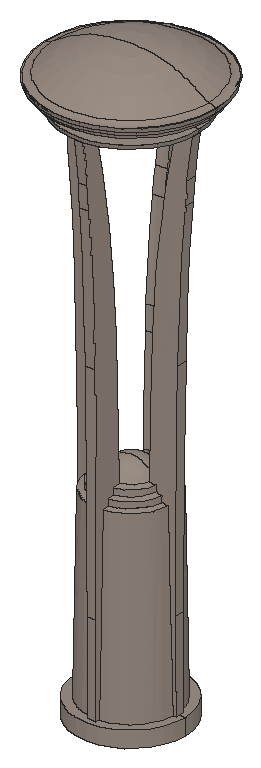
Revit family "Landscape-Forms_Hawthorne_Path-Light", category Lighting Fixtures, Revit 2021
Family settings
  Round Connector Dimension = Use Diameter
  Part Type = Normal
  OmniClass Number = 23.80.70.14.21
  OmniClass Title = Street and Roadway Lighting
  Work Plane-Based = No
  Always vertical = Yes
  Cut with Voids When Loaded = No
  Light Source = Yes
  Shared = No
  Room Calculation Point = No
Parameters (values of type "HW140-01")
  Wattage = 15.5 W
  built-in parameter 1150110 = 1 (stored number, unit not read)
  URL = "https://www.landscapeforms.com/en-US/product/Pages/Hawthorne-Path-Light.aspx"
  built-in parameter 1114217 = 1 (stored number, unit not read)
  Tilt Angle = 90.00°  # constant formula
  built-in parameter 1150109 = 1 (stored number, unit not read)
  built-in parameter 1150134 = 12
  built-in parameter 1150113 = 1 (stored number, unit not read)
  Photometric Web File = "LF_Hawthorne_HW012L5-40K.ies"
  Model = "HW140-01"
  Manufacturer = "Landscape Forms"
  built-in parameter 1150105 = 54.272 (stored number, unit not read)
  Lumens = 682 lm
  built-in parameter 1150115 = 1 (stored number, unit not read)
  Load Classification = Lighting - Exterior
  built-in parameter 1150137 = (empty or 0)
  built-in parameter 1150139 = (empty or 0)
  built-in parameter 1150112 = 1 (stored number, unit not read)
  built-in parameter 1150114 = 1 (stored number, unit not read)
  built-in parameter 1150132 = 2
  built-in parameter 1150102 = (empty or 0)
  built-in parameter 1150107 = 4000 (stored number, unit not read)
  built-in parameter 1150138 = (empty or 0)
  built-in parameter 1150106 = 0.54272 (stored number, unit not read)
  Emit from Circle Diameter = 0' - 4"  # constant formula
  Emit Shape Visible in Rendering = no
  built-in parameter 1150104 = 4.0877 (stored number, unit not read)
  Dimming Lamp Color Temperature Shift = <None>
  Diffuser Lens = LANDSCAPE FORMS - DIFFUSER - ILLUMINATED
  Description = "Hawthorne Path Light"
  Voltage = 120 V
  Number of Poles = 1
  Default Elevation = 0' - 0"
  Color Filter = 16777215
  built-in parameter 1114218 = 1 (stored number, unit not read)
  built-in parameter 1150133 = 10 (stored number, unit not read)
  Assembly Code = "D5020280"
  Height = 3' - 1"  # constant formula
  Lamp = "12 Cree XHP-E2 LEDs"
  Powdercoat = LANDSCAPE FORMS - POWDERCOATED METAL - NEUTRAL SERIES (BRONZE METALLIC)
  Wattage Comments = "15.5"
  Apparent Load = 15.5 VA  # constant formula
Reference planes (in)
  plane 1 "Light Source Axis FB": y = 0
  plane 2: z = 0
  plane 3 "Light Source Axis LR": x = 0
  plane 4: z = 1
  plane 5: x = -0.28125
  plane 6: x = 0.28125
  plane 7: y = -0.28125
  plane 8: y = 0.28125
  plane 9: z = 12.48205
  plane 10: z = 12.57137
  plane 11: z = 12.94637
  plane 12: z = 13.03568
  plane 13: z = 13.41068
  plane 14: z = 13.5
  plane 15: z = 33.43803
  plane 16: z = 33.68803
  plane 17: z = 34.43803
  plane 18: z = 34.68803
  plane 19: z = 34.96103
  plane 20: z = 35.21103
Forms (in)
  Revolve 1, solid, material "LANDSCAPE FORMS - POWDERCOATED METAL - NEUTRAL SERIES (BRONZE METALLIC)" <- "Powdercoat"
    sketch origin (0, 0, 0) x (1, 0, 0) y (0, 0, 1)
      loop
        line (-3.375, 1) -> (-3.375, 0) -> (0, 0) -> (0, 1) -> (-3.375, 1)
      axis (0, 1) -> (0, 0)
    angle from 0 to 360
  Revolve 2, solid, material "LANDSCAPE FORMS - POWDERCOATED METAL - NEUTRAL SERIES (BRONZE METALLIC)" <- "Powdercoat"
    sketch origin (0, 0, 0) x (1, 0, 0) y (0, 0, 1)
      loop
        line (-2.79648, 1) -> (0, 1) -> (0, 14.31303)
        arc (0, 14.31303) -> (-0.8513, 14.09453) -> (-1.49859, 13.5) r 1.80563
        line (-1.49859, 13.5) -> (-1.5355, 13.5) -> (-1.88492, 13.41068) -> (-1.88492, 13.03594) -> (-2.23094, 12.94637) -> (-2.23094, 12.57156) -> (-2.57303, 12.48208) -> (-2.79648, 1)
      axis (0, 14.31303) -> (0, 1)
    angle from 0 to 360
  Revolve 3, solid, material "LANDSCAPE FORMS - POWDERCOATED METAL - NEUTRAL SERIES (BRONZE METALLIC)" <- "Powdercoat"
    sketch origin (0, 0, 0) x (1, 0, 0) y (0, 0, 1)
      loop
        line (-4.86154, 34.43803) -> (-3.67404, 34.43803) -> (-3.67404, 34.68803) -> (0, 34.68803) -> (0, 36.96103)
        arc (0, 36.96103) -> (-2.52982, 36.5505) -> (-4.8, 35.36103) r 8
        arc (-4.8, 35.36103) -> (-5.01283, 35.24952) -> (-5.25, 35.21103) r 0.75
        line (-5.25, 35.21103) -> (-5.3125, 35.21103) -> (-5.24551, 34.96103) -> (-5.12668, 34.96103) -> (-5.05353, 34.68803) -> (-4.92853, 34.68803) -> (-4.86154, 34.43803)
      axis (0, 36.96103) -> (0, 34.43803)
    angle from 0 to 360
  Revolve 4, solid, material "LANDSCAPE FORMS - DIFFUSER - ILLUMINATED" <- "Diffuser Lens"
    sketch origin (0, 0, 0) x (1, 0, 0) y (0, 0, 1)
      loop
        line (-2.55887, 33.43803) -> (-2.44644, 33.43803)
        arc (-2.44644, 33.43803) -> (-2.25215, 33.47733) -> (-2.08839, 33.58904) r 0.5
        line (-2.08839, 33.58904) -> (-1.76094, 33.92498)
        arc (-1.76094, 33.92498) -> (-1.10592, 34.3718) -> (-0.32874, 34.52898) r 2
        line (-0.32874, 34.52898) -> (0, 34.52898) -> (0, 34.65398) -> (-0.32874, 34.65398)
        arc (-0.32874, 34.65398) -> (-1.15449, 34.48698) -> (-1.85046, 34.01223) r 2.125
        line (-1.85046, 34.01223) -> (-2.1779, 33.67629)
        arc (-2.1779, 33.67629) -> (-2.30072, 33.59251) -> (-2.44644, 33.56303) r 0.375
        line (-2.44644, 33.56303) -> (-2.55887, 33.56303)
        arc (-2.55887, 33.56303) -> (-2.70238, 33.59158) -> (-2.82404, 33.67287) r 0.375
        line (-2.82404, 33.67287) -> (-3.01597, 33.86481) -> (-3.01597, 33.68803) -> (-2.91242, 33.58448)
        arc (-2.91242, 33.58448) -> (-2.75021, 33.47609) -> (-2.55887, 33.43803) r 0.5
      axis (0, 34.65398) -> (0, 33.43803)
    angle from 0 to 360
  Revolve 5, solid, material "LANDSCAPE FORMS - POWDERCOATED METAL - NEUTRAL SERIES (BRONZE METALLIC)" <- "Powdercoat"
    sketch origin (0, 0, 0) x (1, 0, 0) y (0, 0, 1)
      loop
        line (-4.16998, 33.43803) -> (-3.01597, 33.43803) -> (-3.01597, 34.43803) -> (-3.68793, 34.43803) -> (-3.48697, 33.68803) -> (-4.23697, 33.68803) -> (-4.16998, 33.43803)
      axis (0, 34.43803) -> (0, 33.43803)
    angle from 0 to 360
  Blend 6, solid, material "LANDSCAPE FORMS - POWDERCOATED METAL - NEUTRAL SERIES (BRONZE METALLIC)" <- "Powdercoat"
    base sketch origin (0, 0, 0) x (1, 0, 0) y (0, 1, 0)
      loop
        line (-3, 0.25) -> (-3, -0.25) -> (-0.51155, -0.51155) -> (-0.25, -3) -> (0.25, -3) -> (0.51155, -0.51155) -> (3, -0.25) -> (3, 0.25) -> (0.51155, 0.51155) -> (0.25, 3) -> (-0.25, 3) -> (-0.51155, 0.51155) -> (-3, 0.25)
    top sketch origin (0, 0, 0) x (1, 0, 0) y (0, 1, 0)
      loop
        line (-4.04498, 0.25) -> (-4.04498, -0.25) -> (-0.51155, -0.51155) -> (-0.25, -4.04498) -> (0.25, -4.04498) -> (0.51155, -0.51155) -> (4.04498, -0.25) -> (4.04498, 0.25) -> (0.51155, 0.51155) -> (0.25, 4.04498) -> (-0.25, 4.04498) -> (-0.51155, 0.51155) -> (-4.04498, 0.25)
    from 1 to 33.43803
  Extrusion 7, void
    sketch origin (0, 0, 0) x (1, 0, 0) y (0, 0, 1)
      loop
        line (-4.07814, 33.68803) -> (-6, 33.68803) -> (-6, 1) -> (-3, 1) -> (-3, 6.57461)
        arc (-3, 6.57461) -> (-3.03205, 13.49457) -> (-3.12818, 20.41394) r 747.16233
        arc (-3.12818, 20.41394) -> (-3.28071, 24.88891) -> (-3.57229, 29.35698) r 144
        line (-3.57229, 29.35698) -> (-3.68863, 30.79527)
        arc (-3.68863, 30.79527) -> (-3.82032, 32.05484) -> (-4.01092, 33.30685) r 27
        line (-4.01092, 33.30685) -> (-4.07814, 33.68803)
    from 4 to -4
  Extrusion 8, void
    sketch origin (0, 0, 0) x (-1, 0, 0) y (0, 0, -1)
      loop
        line (-4.07814, -33.68803) -> (-4.01092, -33.30685)
        arc (-4.01092, -33.30685) -> (-3.82032, -32.05484) -> (-3.68863, -30.79527) r 27
        line (-3.68863, -30.79527) -> (-3.57229, -29.35698)
        arc (-3.57229, -29.35698) -> (-3.28071, -24.88891) -> (-3.12818, -20.41394) r 144
        arc (-3.12818, -20.41394) -> (-3.03205, -13.49457) -> (-3, -6.57461) r 747.16233
        line (-3, -6.57461) -> (-3, -1) -> (-6, -1) -> (-6, -33.68803) -> (-4.07814, -33.68803)
    from 4 to -4
  Extrusion 9, void
    sketch origin (0, 0, 0) x (0, 1, 0) y (0, 0, 1)
      loop
        line (-4.07814, 33.68803) -> (-6, 33.68803) -> (-6, 1) -> (-3, 1) -> (-3, 6.57461)
        arc (-3, 6.57461) -> (-3.03205, 13.49457) -> (-3.12818, 20.41394) r 747.16233
        arc (-3.12818, 20.41394) -> (-3.28071, 24.88891) -> (-3.57229, 29.35698) r 144
        line (-3.57229, 29.35698) -> (-3.68863, 30.79527)
        arc (-3.68863, 30.79527) -> (-3.82032, 32.05484) -> (-4.01092, 33.30685) r 27
        line (-4.01092, 33.30685) -> (-4.07814, 33.68803)
    from 4 to -4
  Extrusion 10, void
    sketch origin (0, 0, 0) x (0, -1, 0) y (0, 0, -1)
      loop
        line (-4.07814, -33.68803) -> (-4.01092, -33.30685)
        arc (-4.01092, -33.30685) -> (-3.82032, -32.05484) -> (-3.68863, -30.79527) r 27
        line (-3.68863, -30.79527) -> (-3.57229, -29.35698)
        arc (-3.57229, -29.35698) -> (-3.28071, -24.88891) -> (-3.12818, -20.41394) r 144
        arc (-3.12818, -20.41394) -> (-3.03205, -13.49457) -> (-3, -6.57461) r 747.16233
        line (-3, -6.57461) -> (-3, -1) -> (-6, -1) -> (-6, -33.68803) -> (-4.07814, -33.68803)
    from 4 to -4
  Revolve 11, void
    sketch origin (0, 0, 0) x (1, 0, 0) y (0, 0, 1)
      loop
        line (0, 33.43803) -> (-3.08394, 33.43803) -> (-3.07422, 33.38942)
        arc (-3.07422, 33.38942) -> (-2.68687, 31.24999) -> (-2.37729, 29.09792) r 60
        line (-2.37729, 29.09792) -> (-2.18746, 27.58422)
        arc (-2.18746, 27.58422) -> (-1.89203, 24.64339) -> (-1.74179, 21.69159) r 60
        line (-1.74179, 21.69159) -> (-1.70323, 20.22157)
        arc (-1.70323, 20.22157) -> (-1.62339, 17.01428) -> (-1.55213, 13.80679) r 1200
        line (-1.55213, 13.80679) -> (-1.52504, 12.5094) -> (-1.52504, 1) -> (0, 1) -> (0, 33.43803)
      axis (0, 33.43803) -> (0, 1)
    angle from 0 to 360
Cuts and joins
  Extrusion 7, Revolve 11 cuts Revolve 1
  Extrusion 7, Extrusion 8, Extrusion 9, Extrusion 10, Revolve 11 cuts Blend 6
  joined: Revolve 2, Blend 6
Dimensions and locks (in)
  locked: plane 2 to level
  plane 4 to plane 2 = 0' - 1"
  plane 8 to plane 1 "Light Source Axis FB" to plane 7 = 0' - 0 9/32" locked, 0' - 0 9/32" locked
  plane 5 to plane 3 "Light Source Axis LR" to plane 6 = 0' - 0 9/32" locked, 0' - 0 9/32" locked
  imposter light to plane 3 "Light Source Axis LR" = 0' - 0"
  locked: plane 1 "Light Source Axis FB" to imposter light
  locked: plane 16 to imposter light
  aligned and locked: Revolve 1 sketch curve to plane 3 "Light Source Axis LR"
  aligned and locked: Revolve 2 sketch curve to plane 3 "Light Source Axis LR"
  aligned and locked: Revolve 3 sketch curve to plane 3 "Light Source Axis LR"
  aligned and locked: Revolve 4 sketch curve to plane 3 "Light Source Axis LR"
  aligned and locked: Revolve 5 sketch curve to plane 3 "Light Source Axis LR"
  aligned and locked: Revolve 11 sketch curve to plane 3 "Light Source Axis LR"
